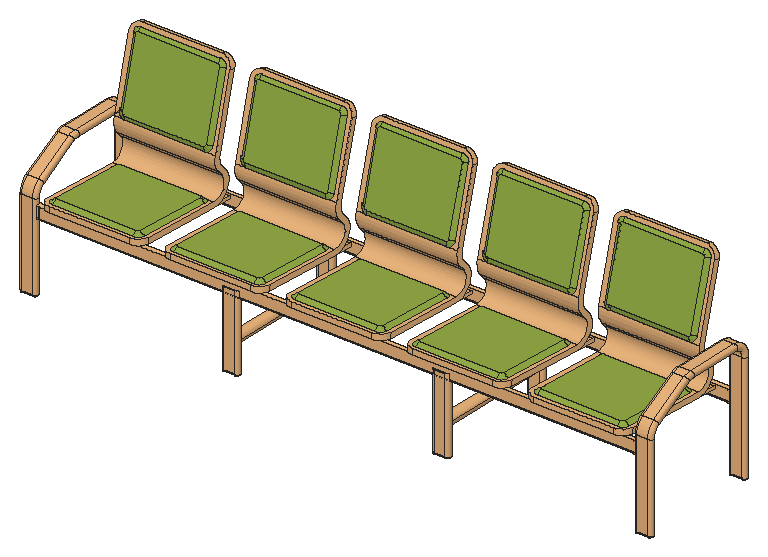
Revit family
Parameters
  DecPieds [instance] = [built-in parameter 1001306] / (Nbre de pieds + 1)  # 1000 mm
  Structure = Bois - Sièges
  PiedSup [instance] = [built-in parameter 1001306] > 2500 mm  # yes
  Nbre de sièges [instance] = [built-in parameter 1001306] / 600 mm  # 5
  Nbre de pieds [instance] = if(PiedSup, ([built-in parameter 1001306] - 1000 mm) / 1000 mm, 2)  # 2
  built-in parameter 1001306 [instance] = 3000 mm
  Assise et dossier = Tissu - Vert
Reference planes
  plane 1 "Centre (avant/arrière)": y = 0
  plane 2: z = 0
  plane 3 "Gauche": x = 0
  plane 4 "Droite": x = 3000
  plane 5: z = 580
  plane 6: y = 280
  plane 7: y = -280
  plane 8: x = 40
  plane 9: x = 2960
  plane 10: through (0, -86.108, 384.491) normal (0, -0.0523, -0.9986)
  plane 11: x = 350
  plane 12: x = 2650
  plane 13: x = 1000
  plane 14: x = 2000
  plane 15: x = 2250
Forms (mm)
  Sweep 1, solid, material "Bois - Sièges" <- "Structure"
    path origin (40, -507.971, 1219.2) x (0, -1, 0) y (0, 0, 1)
      loop
        line (-227.971, -1214.2) -> (-227.971, -804.016)
        arc (-227.971, -804.016) -> (-236.005, -774.024) -> (-257.955, -752.064) r 60
        line (-257.955, -752.064) -> (-439.367, -647.248)
        arc (-439.367, -647.248) -> (-453.846, -641.247) -> (-469.384, -639.2) r 60
        line (-469.384, -639.2) -> (-727.971, -639.2)
        arc (-727.971, -639.2) -> (-770.398, -656.774) -> (-787.971, -699.2) r 60
        line (-787.971, -699.2) -> (-787.971, -1214.2)
    profile "Famille2 : Famille2" origin (40, -280, 210.092) x (0, 1, 0) y (-1, 0, 0)
      loop
        arc (-15, -25) -> (0, -40) -> (15, -25) r 15
        line (15, -25) -> (15, 25)
        arc (15, 25) -> (0, 40) -> (-15, 25) r 15
        line (-15, 25) -> (-15, -25)
  Sweep 2, solid, material "Bois - Sièges" <- "Structure"
    path origin (2960, -507.971, 1219.2) x (0, -1, 0) y (0, 0, 1)
      loop
        line (-227.971, -1214.2) -> (-227.971, -803.828)
        arc (-227.971, -803.828) -> (-236.005, -773.837) -> (-257.955, -751.876) r 60
        line (-257.955, -751.876) -> (-439.042, -647.248)
        arc (-439.042, -647.248) -> (-453.52, -641.247) -> (-469.059, -639.2) r 60
        line (-469.059, -639.2) -> (-727.971, -639.2)
        arc (-727.971, -639.2) -> (-770.398, -656.774) -> (-787.971, -699.2) r 60
        line (-787.971, -699.2) -> (-787.971, -1214.2)
    profile "Famille2 : Famille2" origin (2960, -280, 210.186) x (0, 1, 0) y (-1, 0, 0)
      loop
        arc (-15, -25) -> (0, -40) -> (15, -25) r 15
        line (15, -25) -> (15, 25)
        arc (15, 25) -> (0, 40) -> (-15, 25) r 15
        line (-15, 25) -> (-15, -25)
  Extrusion 3, solid, material "Bois - Sièges" <- "Structure"
    sketch origin (40, -507.971, 1219.2) x (0, -1, 0) y (0, 0, 1)
      loop
        line (-219.971, -885.103) -> (-219.971, -835.103)
        arc (-219.971, -835.103) -> (-227.971, -827.103) -> (-235.971, -835.103) r 8
        line (-235.971, -835.103) -> (-235.971, -885.103)
        arc (-235.971, -885.103) -> (-227.971, -893.103) -> (-219.971, -885.103) r 8
      loop
        line (-779.971, -914.452) -> (-779.971, -864.452)
        arc (-779.971, -864.452) -> (-787.971, -856.452) -> (-795.971, -864.452) r 8
        line (-795.971, -864.452) -> (-795.971, -914.452)
        arc (-795.971, -914.452) -> (-787.971, -922.452) -> (-779.971, -914.452) r 8
    from 0 to -2920
  Extrusion 4, solid, material "Plastique - Noir"
    sketch origin (0, 0, 0) x (1, 0, 0) y (0, 1, 0)
      loop
        line (15, -295) -> (65, -295)
        arc (65, -295) -> (80, -280) -> (65, -265) r 15
        line (65, -265) -> (15, -265)
        arc (15, -265) -> (0, -280) -> (15, -295) r 15
      loop
        line (15, 265) -> (65, 265)
        arc (65, 265) -> (80, 280) -> (65, 295) r 15
        line (65, 295) -> (15, 295)
        arc (15, 295) -> (0, 280) -> (15, 265) r 15
      loop
        line (2935, -295) -> (2985, -295)
        arc (2985, -295) -> (3000, -280) -> (2985, -265) r 15
        line (2985, -265) -> (2935, -265)
        arc (2935, -265) -> (2920, -280) -> (2935, -295) r 15
      loop
        arc (2935, 295) -> (2920, 280) -> (2935, 265) r 15
        line (2935, 265) -> (2985, 265)
        arc (2985, 265) -> (3000, 280) -> (2985, 295) r 15
        line (2985, 295) -> (2935, 295)
    from 0 to 5
Cuts and joins
  joined: Sweep 1, Sweep 2, Extrusion 3
Lines and regions (mm)
  reference lines
    curve 1: line (0, 0, 0) -> (3000, 0, 0)
Dimensions and locks
  "built-in parameter 1001306": plane 3 "Gauche" to plane 4 "Droite"
  plane 5 to level = 580 mm
  plane 7 to plane 1 "Centre (avant/arrière)" to plane 6 = 280 mm locked, 280 mm locked
  locked: plane 3 "Gauche" to plane 8 at 40
  locked: Sweep 1 sketch curve to level at 5  (x2)
  locked: Sweep 2 sketch curve to level at 5  (x2)
  locked: plane 9 to plane 4 "Droite" at 40
  equal spacing: group 1, group 3, group 4, group 5, group 2  (x3)
  locked: plane 3 "Gauche" to plane 11 at 350
  locked: plane 12 to plane 4 "Droite" at 350
  equal spacing: Extrusion 3 sketch curve, plane 7, Extrusion 3 sketch curve
  locked: Extrusion 3 sketch curve to Extrusion 3 sketch curve at 50  (x2)
  locked: Extrusion 3 sketch curve to plane 7 at 8
  equal spacing: Extrusion 3 sketch curve, plane 6, Extrusion 3 sketch curve
  locked: Extrusion 3 sketch curve to plane 6 at 8
  locked: plane 5 to Extrusion 3 sketch curve at 195.903
  locked: plane 5 to Extrusion 3 sketch curve at 225.252
  group 6 to group 7 = 1000 mm
  group 6 to group 7 = 0 mm  (x2)
  "DecPieds": plane 3 "Gauche" to plane 13
  "DecPieds": plane 14 to plane 4 "Droite"
  aligned and locked: plane 4 "Droite" to curve 1
  aligned and locked: plane 1 "Centre (avant/arrière)" to curve 1
  aligned and locked: plane 3 "Gauche" to curve 1
  aligned and locked: plane 7 to Sweep 1 sketch curve
  aligned and locked: plane 5 to Sweep 1 sketch curve
  aligned and locked: plane 6 to Sweep 1 sketch curve
  aligned and locked: plane 7 to Sweep 2 sketch curve
  aligned and locked: plane 5 to Sweep 2 sketch curve
  aligned and locked: plane 6 to Sweep 2 sketch curve
  aligned and locked: plane 11 to nested 1
  aligned and locked: plane 12 to nested 2
  aligned and locked: Extrusion 3 to plane 9
  aligned and locked: Extrusion 4 sketch curve to cut or joined group of Sweep 1, Sweep 2, Extrusion 3  (x8)
  aligned and locked: plane 1 "Centre (avant/arrière)" to nested 5
  aligned and locked: plane 1 "Centre (avant/arrière)" to nested 7
  aligned and locked: plane 13 to nested 5
  aligned and locked: plane 14 to nested 7
Automatic sketch dimensions
  Sweep 1 sketch curve to plane 6 = 60 mm
  plane 1 "Centre (avant/arrière)" to Sweep 1 sketch curve = 38.587 mm
  Sweep 1 sketch curve to plane 5 = 8.048 mm
  Sweep 1 sketch curve to Sweep 1 sketch curve = 30.017 mm
  Sweep 1 sketch curve to Sweep 1 sketch curve = 60 mm
  plane 7 to Sweep 1 sketch curve = 29.983 mm
  Sweep 1 sketch curve to plane 5 = 112.864 mm
  Sweep 2 sketch curve to plane 6 = 60 mm
  plane 1 "Centre (avant/arrière)" to Sweep 2 sketch curve = 38.913 mm
  Sweep 2 sketch curve to plane 5 = 8.048 mm
  Sweep 2 sketch curve to Sweep 2 sketch curve = 30.017 mm
  Sweep 2 sketch curve to Sweep 2 sketch curve = 60 mm
  plane 7 to Sweep 2 sketch curve = 29.983 mm
  Sweep 2 sketch curve to plane 5 = 164.628 mm
Nested families
  nested 1: "Siège" at (350, 0, -122.127), type "Siège"
  nested 2: "Siège" at (2650, 0, -122.127), type "Siège"
  nested 3: "Siège" at (925, 0, -122.127), type "Siège"
  nested 4: "Siège" at (1500, 0, -122.127), type "Siège"
  nested 5: "Pieds" at (1000, 0, 0), visible <- "PiedSup", type "Pieds"
  nested 6: "Siège" at (2075, 0, -122.127), type "Siège"
  nested 7: "Pieds" at (2000, 0, 0), visible <- "PiedSup", type "Pieds"
Definition of nested family "Siège"
  Parameters (values of type "Siège")
    Finition du siège = Bois - Sièges
    Finition de l'assise et du dossier = Tissu - Vert
    Assembly Code = ""
  Reference planes
    plane 1 "Centre (avant/arrière)": y = 0
    plane 2: z = 0
    plane 3 "Centre (gauche/droite)": x = 0
    plane 4: through (0, -379.325, 522.006) normal (0, 0.0523, 0.9986)
    plane 5: y = -280
    plane 6: y = 280
    plane 7: x = 150
    plane 8: x = -150
  Forms (mm)
    Extrusion 1, solid, material "Bois - Sièges" <- "Finition du siège"
      sketch origin (0, 0, 0) x (0, 1, 0) y (0, 0, 1)
        loop
          line (-312.786, 518.519) -> (126.611, 495.491)
          arc (126.611, 495.491) -> (204.711, 541.956) -> (191.671, 631.892) r 81.787
          line (191.671, 631.892) -> (173.321, 652.271)
          arc (173.321, 652.271) -> (159.568, 678.412) -> (159.955, 707.948) r 60
          line (159.955, 707.948) -> (260.227, 1082.17) -> (236.079, 1088.64) -> (135.806, 714.419)
          arc (135.806, 714.419) -> (135.259, 672.576) -> (154.743, 635.543) r 85
          line (154.743, 635.543) -> (173.092, 615.164)
          arc (173.092, 615.164) -> (182.146, 552.718) -> (127.919, 520.457) r 56.787
          line (127.919, 520.457) -> (-311.478, 543.484) -> (-312.786, 518.519)
      from -240 to 240
    Extrusion 2, void
      sketch origin (0, 141.864, 679.069) x (0, -0.258819, -0.965926) y (-1, 0, 0)
        loop
          line (-370, 240) -> (-370, 255) -> (-450, 255) -> (-450, -255) -> (-370, -255) -> (-370, -240)
          arc (-370, -240) -> (-405.355, -225.355) -> (-420, -190) r 50
          line (-420, -190) -> (-420, 190)
          arc (-420, 190) -> (-405.355, 225.355) -> (-370, 240) r 50
      from -47.194 to 63.533
    Extrusion 3, void
      sketch origin (0, -379.325, 522.006) x (0, 0.99863, -0.052336) y (1, 0, 0)
        loop
          line (66.63, -190) -> (66.63, 190)
          arc (66.63, 190) -> (81.274, 225.355) -> (116.63, 240) r 50
          line (116.63, 240) -> (116.63, 250) -> (56.63, 250) -> (56.63, -250) -> (116.63, -250) -> (116.63, -240)
          arc (116.63, -240) -> (81.274, -225.355) -> (66.63, -190) r 50
      from 0 to -89.14
    Blend 4, solid, material "Tissu - Vert" <- "Finition de l'assise et du dossier"
      base sketch origin (0, 127.375, 682.952) x (0, 0.258819, 0.965926) y (-1, 0, 0)
        loop
          arc (400, 190) -> (391.213, 211.213) -> (370, 220) r 30
          line (370, 220) -> (62.577, 220)
          arc (62.577, 220) -> (41.364, 211.213) -> (32.577, 190) r 30
          line (32.577, 190) -> (32.577, -190)
          arc (32.577, -190) -> (41.364, -211.213) -> (62.577, -220) r 30
          line (62.577, -220) -> (370, -220)
          arc (370, -220) -> (391.213, -211.213) -> (400, -190) r 30
          line (400, -190) -> (400, 190)
      top sketch origin (0, 127.375, 682.952) x (0, 0.258819, 0.965926) y (-1, 0, 0)
        loop
          arc (380, 190) -> (377.071, 197.071) -> (370, 200) r 10
          line (370, 200) -> (62.577, 200)
          arc (62.577, 200) -> (55.506, 197.071) -> (52.577, 190) r 10
          line (52.577, 190) -> (52.577, -190)
          arc (52.577, -190) -> (55.506, -197.071) -> (62.577, -200) r 10
          line (62.577, -200) -> (370, -200)
          arc (370, -200) -> (377.071, -197.071) -> (380, -190) r 10
          line (380, -190) -> (380, 190)
      from 0 to 10
    Blend 5, solid, material "Tissu - Vert" <- "Finition de l'assise et du dossier"
      base sketch origin (0, -291.505, 542.438) x (0, 0.99863, -0.052336) y (-1, 0, 0)
        loop
          line (0, 190) -> (0, -190)
          arc (0, -190) -> (8.787, -211.213) -> (30, -220) r 30
          line (30, -220) -> (390, -220)
          arc (390, -220) -> (411.213, -211.213) -> (420, -190) r 30
          line (420, -190) -> (420, 190)
          arc (420, 190) -> (411.213, 211.213) -> (390, 220) r 30
          line (390, 220) -> (30, 220)
          arc (30, 220) -> (8.787, 211.213) -> (0, 190) r 30
      top sketch origin (0, -291.505, 542.438) x (0, 0.99863, -0.052336) y (-1, 0, 0)
        loop
          arc (400, 190) -> (397.071, 197.071) -> (390, 200) r 10
          line (390, 200) -> (30, 200)
          arc (30, 200) -> (22.929, 197.071) -> (20, 190) r 10
          line (20, 190) -> (20, -190)
          arc (20, -190) -> (22.929, -197.071) -> (30, -200) r 10
          line (30, -200) -> (390, -200)
          arc (390, -200) -> (397.071, -197.071) -> (400, -190) r 10
          line (400, -190) -> (400, 190)
      from 0 to 15
    Extrusion 6, solid, material "Bois - Sièges" <- "Finition du siège"
      sketch origin (150, -718.709, 1200) x (0, -1, 0) y (0, 0, -1)
        loop
          line (-446.709, 701.644) -> (-446.709, 716.664) -> (-990.709, 745.174) -> (-990.709, 730.153) -> (-798.709, 720.091) -> (-798.709, 702.066) -> (-488.709, 685.82) -> (-488.709, 703.845) -> (-446.709, 701.644)
      from 0 to 50
    Extrusion 7, solid, material "Bois - Sièges" <- "Finition du siège"
      sketch origin (-150, -423.567, 1200) x (0, -1, 0) y (0, 0, 1)
        loop
          line (-695.567, -745.174) -> (-151.567, -716.664) -> (-151.567, -701.644) -> (-193.567, -703.845) -> (-193.567, -685.82) -> (-503.567, -702.066) -> (-503.567, -720.091) -> (-695.567, -730.153) -> (-695.567, -745.174)
      from 0 to 50
  Cuts and joins
    Extrusion 2, Extrusion 3 cuts Extrusion 1
  Dimensions and locks
    locked: Extrusion 6 sketch curve to Extrusion 6 sketch curve at 15
    locked: plane 4 to Extrusion 6 sketch curve at 18
    locked: plane 5 to Extrusion 6 sketch curve at 50
    locked: Extrusion 6 sketch curve to plane 6 at 200
    plane 5 to plane 1 "Centre (avant/arrière)" to plane 6 = 280 mm locked, 280 mm locked
    locked: Extrusion 6 sketch curve to plane 6 at 8
    locked: plane 5 to Extrusion 6 sketch curve at 8
    aligned and locked: Extrusion 6 sketch curve to plane 4
    aligned and locked: Extrusion 6 sketch curve to Extrusion 6 sketch curve
    aligned and locked: Extrusion 7 sketch curve to Extrusion 6  (x8)
Definition of nested family "Pieds"
  Parameters (values of type "Pieds")
    Structure = Bois - Sièges
    Assembly Code = ""
  Reference planes
    plane 1 "Centre (avant/arrière)": y = 0
    plane 2: z = 0
    plane 3 "Centre (gauche/droite)": x = 0
    plane 4: y = 280
    plane 5: y = -280
    plane 6: z = 580
    plane 7: z = 329.297
  Forms (mm)
    Extrusion 1, solid, material "Bois - Sièges" <- "Structure"
      sketch origin (0, 0, 0) x (1, 0, 0) y (0, 1, 0)
        loop
          line (-25, -295) -> (25, -295)
          arc (25, -295) -> (40, -280) -> (25, -265) r 15
          line (25, -265) -> (-25, -265)
          arc (-25, -265) -> (-40, -280) -> (-25, -295) r 15
      from 5 to 358.646
    Extrusion 2, solid, material "Bois - Sièges" <- "Structure"
      sketch origin (0, 560, 0) x (1, 0, 0) y (0, 1, 0)
        loop
          line (-25, -295) -> (25, -295)
          arc (25, -295) -> (40, -280) -> (25, -265) r 15
          line (25, -265) -> (-25, -265)
          arc (-25, -265) -> (-40, -280) -> (-25, -295) r 15
      from 5 to 329.297
    Extrusion 3, void
      sketch origin (-100, -507.954, 1218.749) x (0, -1, 0) y (0, 0, 1)
        loop
          line (-219.971, -885.103) -> (-219.971, -835.103)
          arc (-219.971, -835.103) -> (-227.971, -827.103) -> (-235.971, -835.103) r 8
          line (-235.971, -835.103) -> (-235.971, -885.103)
          arc (-235.971, -885.103) -> (-227.971, -893.103) -> (-219.971, -885.103) r 8
        loop
          line (-779.971, -914.452) -> (-779.971, -864.452)
          arc (-779.971, -864.452) -> (-787.971, -856.452) -> (-795.971, -864.452) r 8
          line (-795.971, -864.452) -> (-795.971, -914.452)
          arc (-795.971, -914.452) -> (-787.971, -922.452) -> (-779.971, -914.452) r 8
      from 0 to -191.546
    Extrusion 4, solid, material "Plastique - Noir"
      sketch origin (0, 0, 0) x (1, 0, 0) y (0, 1, 0)
        loop
          line (25, -265) -> (-25, -265)
          arc (-25, -265) -> (-40, -280) -> (-25, -295) r 15
          line (-25, -295) -> (25, -295)
          arc (25, -295) -> (40, -280) -> (25, -265) r 15
        loop
          arc (-25, 295) -> (-40, 280) -> (-25, 265) r 15
          line (-25, 265) -> (25, 265)
          arc (25, 265) -> (40, 280) -> (25, 295) r 15
          line (25, 295) -> (-25, 295)
      from 0 to 5
    Extrusion 5, solid, material "Bois - Sièges" <- "Structure"
      sketch origin (-1335.933, 280, 1200) x (-1, 0, 0) y (0, 0, 1)
        loop
          circle (-1335.933, -1065) r 25
      from 0 to -560
  Cuts and joins
    Extrusion 3 cuts Extrusion 1
    Extrusion 3 cuts Extrusion 2
    joined: Extrusion 1, Extrusion 2, Extrusion 5
  Dimensions and locks
    plane 4 to plane 1 "Centre (avant/arrière)" to plane 5 = 280 mm locked, 280 mm locked
    Extrusion 3 sketch curve to Extrusion 3 sketch curve = 16 mm  (x2)
    locked: Extrusion 3 sketch curve to Extrusion 3 sketch curve at 50  (x2)
    locked: Extrusion 5 sketch curve to level at 135
    aligned and locked: plane 3 "Centre (gauche/droite)" to Extrusion 5 sketch curve
    aligned and locked: Extrusion 5 to plane 5
